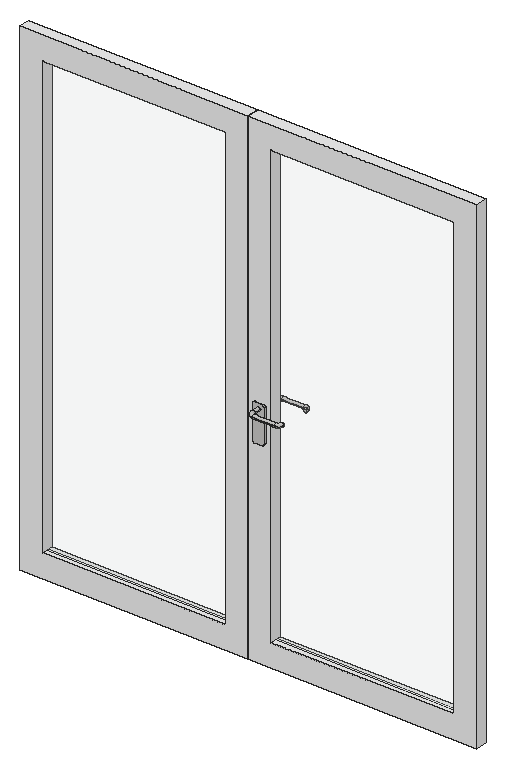
Revit family "CW Double Glass", category Doors, Revit 2015
Parameters (values of type "50mm")
  Thickness = 50.00 mm
  Model = ""
  Material = none
  Material Glass = none
  Function = Interior
  Rail Width = 100.00 mm
  Door Handle [instance] = Stainless Steel : Stainless Steel
  Construction Type = ""
  CQUnit = "pcs"
  CQKeynoteText = ""
Reference planes
  plane 1 "Center (Front/Back)": y = 0
  plane 2: z = 0
  plane 3 "Center (Left/Right)": x = 168.123
  plane 4: x = -831.877
  plane 5: x = 1168.123
  plane 6 "Top": z = 2133.6
  plane 7: z = 1066.8
  plane 8: x = 218.123
Forms (mm)
  Extrusion 1, solid, material <- "Material"
    sketch origin (0, 0, 0) x (1, 0, 0) y (0, 0, 1)
      loop
        line (168.123, 0) -> (168.123, 2133.6) -> (-831.877, 2133.6) -> (-831.877, 0) -> (168.123, 0)
      loop
        line (68.123, 2033.6) -> (-731.877, 2033.6) -> (-731.877, 100) -> (68.123, 100) -> (68.123, 2033.6)
    from -25 to 25
  Extrusion 2, solid, material <- "Material"
    sketch origin (165.046, 0, 0) x (-1, 0, 0) y (0, 0, -1)
      loop
        line (-3.077, 0) -> (-1003.077, 0) -> (-1003.077, -2133.6) -> (-3.077, -2133.6) -> (-3.077, 0)
      loop
        line (-103.077, -2033.6) -> (-103.077, -100) -> (-903.077, -100) -> (-903.077, -2033.6) -> (-103.077, -2033.6)
    from -25 to 25
  Extrusion 3, solid, material <- "Material Glass"
    sketch origin (0, 0, 0) x (1, 0, 0) y (0, 0, 1)
      loop
        line (1068.123, 100) -> (1068.123, 2033.6) -> (268.123, 2033.6) -> (268.123, 100) -> (1068.123, 100)
    from -5 to 5
  Extrusion 4, solid, material <- "Material Glass"
    sketch origin (0, 0, 0) x (1, 0, 0) y (0, 0, 1)
      loop
        line (68.123, 100) -> (68.123, 2033.6) -> (-731.877, 2033.6) -> (-731.877, 100) -> (68.123, 100)
    from -5 to 5
Lines and regions (mm)
  symbolic lines, style "Plan Swing"
    curve 1: line (1168.123, 0, 0) -> (1168.123, 1000, 0)
    curve 2: arc (168.123, 0, 0) -> (461.016, 707.107, 0) -> (1168.123, 1000, 0) r 1000
    curve 3: line (-831.877, 0, 0) -> (-831.877, 1000, 0)
    curve 4: arc (168.123, 0, 0) -> (-124.77, 707.107, 0) -> (-831.877, 1000, 0) r 1000
  symbolic lines, style "Elevation Swing"
    curve 5: line (-831.877, 0, 2133.6) -> (168.123, 0, 1066.8)
    curve 6: line (168.123, 0, 1066.8) -> (-831.877, 0, 0)
    curve 7: line (1168.123, 0, 2133.6) -> (168.123, 0, 1066.8)
    curve 8: line (168.123, 0, 1066.8) -> (1168.123, 0, 0)
Text (mm)
  text "Exterior" at (-1161.5, 797.241, 0), in view "Ref. Level"
Dimensions and locks
  equal spacing: plane 4, plane 3 "Center (Left/Right)", plane 5
  equal spacing: plane 2, plane 7, plane 6 "Top"
  "Rail Width": plane 3 "Center (Left/Right)" to Extrusion 1
  "Rail Width": level to Extrusion 1
  "Rail Width": plane 4 to Extrusion 1
  "Rail Width": Extrusion 1 to plane 6 "Top"
  locked: plane 8 to plane 3 "Center (Left/Right)" at 50
  equal spacing: Extrusion 1, plane 1 "Center (Front/Back)", Extrusion 1
  equal spacing: Extrusion 2, plane 1 "Center (Front/Back)", Extrusion 2
  "Thickness": Extrusion 2 to Extrusion 2
  "Thickness": Extrusion 1 to Extrusion 1
  "Rail Width": Extrusion 2 to plane 3 "Center (Left/Right)"
  "Rail Width": Extrusion 2 to plane 5
  "Rail Width": plane 2 to Extrusion 2
  "Rail Width": Extrusion 2 to plane 6 "Top"
  aligned and locked: plane 2 to Extrusion 1 sketch curve
  aligned and locked: plane 6 "Top" to Extrusion 1 sketch curve
  aligned and locked: Extrusion 1 sketch curve to plane 4
  aligned and locked: Extrusion 1 sketch curve to plane 3 "Center (Left/Right)"
  aligned and locked: Extrusion 3 sketch curve to Extrusion 2  (x4)
  aligned and locked: Extrusion 4 sketch curve to Extrusion 1  (x4)
  aligned and locked: nested 1 to plane 8
  aligned and locked: Extrusion 2 to nested 1
  aligned and locked: plane 8 to nested 2
  aligned and locked: nested 2 to Extrusion 2
Automatic sketch dimensions
  Extrusion 1 sketch curve to plane 4 = 100.00 mm
  Extrusion 1 sketch curve to plane 3 "Center (Left/Right)" = 100.00 mm
  level to Extrusion 1 sketch curve = 100.00 mm
  plane 6 "Top" to Extrusion 1 sketch curve = 100.00 mm
  plane 1 "Center (Front/Back)" to curve 3 = 0.00 mm
  curve 3 to plane 4 = 0.00 mm
  plane 1 "Center (Front/Back)" to curve 2 = 0.00 mm
  curve 2 to plane 3 "Center (Left/Right)" = 0.00 mm
  plane 1 "Center (Front/Back)" to curve 4 = 0.00 mm
  curve 4 to plane 3 "Center (Left/Right)" = 0.00 mm
  curve 1 to plane 5 = 0.00 mm
  plane 1 "Center (Front/Back)" to curve 1 = 0.00 mm
  Extrusion 2 sketch curve to level = 0.00 mm
  plane 5 to Extrusion 2 sketch curve = 0.00 mm
  Extrusion 2 sketch curve to plane 3 "Center (Left/Right)" = 0.00 mm
  Extrusion 2 sketch curve to plane 6 "Top" = 0.00 mm
  Extrusion 2 sketch curve to plane 5 = 100.00 mm
  plane 8 to Extrusion 2 sketch curve = 50.00 mm
  Extrusion 2 sketch curve to level = 100.00 mm
  Extrusion 2 sketch curve to plane 6 "Top" = 100.00 mm
  curve 6 to level = 0.00 mm
  plane 4 to curve 6 = 0.00 mm
  plane 4 to curve 5 = 0.00 mm
  curve 6 to plane 3 "Center (Left/Right)" = 0.00 mm
  curve 8 to level = 0.00 mm
  plane 5 to curve 8 = 0.00 mm
  plane 5 to curve 7 = 0.00 mm
  curve 6 to plane 7 = 0.00 mm
  curve 7 to plane 6 "Top" = 0.00 mm
  curve 5 to plane 6 "Top" = 0.00 mm
Nested families
  nested 1: "Stainless Steel" at (218.123, -25, 1000), type <- "Door Handle", type "Stainless Steel"
  nested 2: "Stainless Steel" at (218.123, 25, 1000), type <- "Door Handle", type "Stainless Steel"
Definition of nested family "Stainless Steel"
  Parameters
    Assembly Code = ""
  Reference planes
    plane 1 "Center (Front/Back)": y = 0
    plane 2: z = 0
    plane 3 "Center (Left/Right)": x = 0
  Forms (mm)
    Extrusion 1, solid, detail levels medium+fine
      sketch origin (0, 0, 0) x (1, 0, 0) y (0, 0, 1)
        loop
          arc (-18, 22) -> (-22.95, 19.95) -> (-25, 15) r 7
          line (-25, 15) -> (-25, -130.014)
          arc (-25, -130.014) -> (-22.95, -134.963) -> (-18, -137.014) r 7
          line (-18, -137.014) -> (18, -137.014)
          arc (18, -137.014) -> (22.95, -134.963) -> (25, -130.014) r 7
          line (25, -130.014) -> (25, 15)
          arc (25, 15) -> (22.95, 19.95) -> (18, 22) r 7
          line (18, 22) -> (-18, 22)
      from 0 to 5.6
    Sweep 2, solid, detail levels medium+fine
      path origin (0, 0, 0) x (1, 0, 0) y (0, 1, 0)
        loop
          line (0, -5.608) -> (0, -35.608)
          arc (0, -35.608) -> (5.858, -49.75) -> (20, -55.608) r 20
          line (20, -55.608) -> (116.25, -55.608)
          arc (116.25, -55.608) -> (125.973, -51.58) -> (130, -41.858) r 13.75
          line (130, -41.858) -> (130, -38.476)
      profile origin (0, -20.608, 0) x (1, 0, 0) y (0, 0, 1)
        loop
          circle (0, 0) r 7.5
